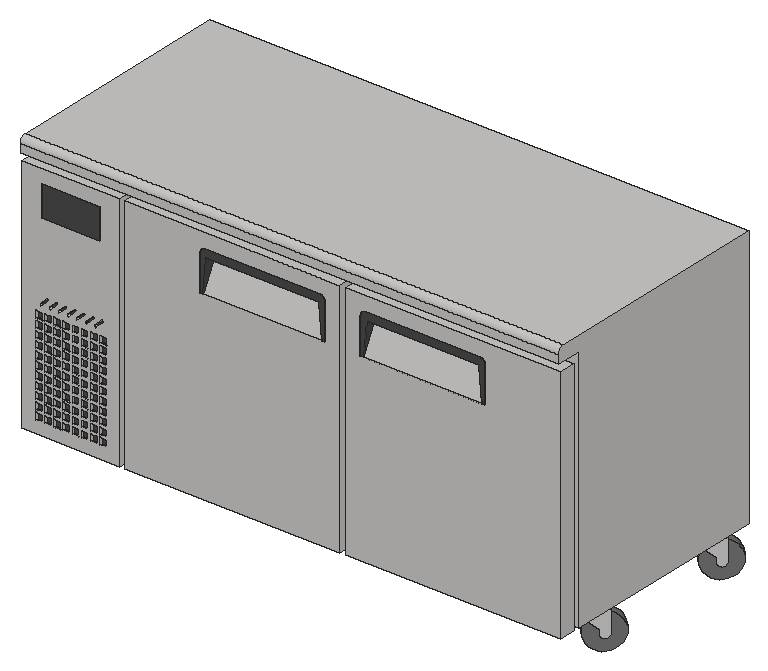
Revit family "QF_Turbo Air_JUR-60c6f70b67-250f-4b4b-b974-1bc2737e07a7", category Specialty Equipment, Revit 2012
Parameters
  Weight in Pounds = 250
  Watermarked By = "http://revitwatermark.com"
  Volts = 115 V
  URL Cutsheet = ""
  URL = "www.turboairinc.com"
  Status [instance] = ""
  Specification by User [instance] = ""
  Specification by Manufacturer [instance] = ""
  Serial Number [instance] = ""
  Revision Code [instance] = ""
  Phase = 1
  Number of Poles [instance] = 1
  NAFEM Spec ID Number [instance] = ""
  Model = "JUR-60"
  Masterspec [instance] = ""
  Manufacturer = "Turbo Air"  # constant formula
  Legs [instance] = [6 inch Legs]  # no
  Item Number [instance] = "-"
  Installed By [instance] = ""
  HP = "1/4"
  Furnished By [instance] = ""
  Foodservice Equipment Identifier = yes
  FL Amps = 4.8 A
  Electrical Remarks [instance] = ""
  Electric Connection Type [instance] = ""
  Elec Conn RI Height [instance] = 0' - 0"
  Elec Conn Connection Height = 1' - 0"
  Description = "Undercounter Refrigerator"
  Cycle = 60 Hz
  Conn Plug = "NEMA 5-15P"
  Casters [instance] = not(Legs)  # yes
  CasterLeg Height [instance] = if([4 inch Casters], 0' 5", if([5 inch Casters], 0' 5 3/4", if([2_5 inch Casters], 0' 3 3/8", 0' 6")))  # 0' - 5"
  CSI MasterFormat = "11 41 13"
  Assembly Code = "E1090320"
  Apparent Power = if(Phase = 3, Volts * FL Amps * 1.73, Volts * FL Amps)  # 552 VA
  6 inch Legs [instance] = no
  5 inch Casters [instance] = no
  4 inch Casters [instance] = yes
  2_5 inch Casters [instance] = no
Reference planes (in)
  plane 1 "BACK": y = -1.5
  plane 2: z = 0
  plane 3 "LEFT": x = -20.72594
  plane 4 "Bottom": z = 5
  plane 5 "Back Stops": y = -0.5
  plane 6 "RIGHT": x = 38.27406
  plane 7 "FRONT": y = -29
  plane 8 "Door Clearance": y = -49.25
  plane 9 "Back of Door": y = -25.4375
  plane 10 "Front of Box": y = -24.75
  plane 11 "Counter Top": z = 33.75
  plane 12 "Top of Door": z = 31.25
  plane 13 "Front of Doors": y = -27.25
  plane 14 "Front of Ledge": y = -27.5
  plane 15 "Left of Right Door": x = 14.71156
  plane 16 "Right of Grill": x = -9.97594
  plane 17 "Right of Left Door": x = 14.08656
  plane 18 "Left of Left Door": x = -9.47594
Forms (in)
  Extrusion 1, solid, material "QF_Finishes_Stainless Steel"
    sketch origin (-20.72594, 0, 0) x (0, 1, 0) y (0, 0, 1)
      loop
        line (-1.5, 5) -> (-1.5, 33.75) -> (-26.8125, 33.75)
        arc (-26.8125, 33.75) -> (-27.29864, 33.54864) -> (-27.5, 33.0625) r 0.6875
        line (-27.5, 33.0625) -> (-27.5, 32.125) -> (-24.75, 32.125) -> (-24.75, 5) -> (-1.5, 5)
    from 0 to 59
  Extrusion 2, solid, material "QF_Finishes_Black"
    sketch origin (0, -24.75, 0) x (1, 0, 0) y (0, 0, 1)
      loop
        line (37.27406, 6) -> (37.27406, 30.25) -> (15.71156, 30.25) -> (15.71156, 6) -> (37.27406, 6)
      loop
        line (13.08656, 6) -> (13.08656, 30.25) -> (-8.47594, 30.25) -> (-8.47594, 6) -> (13.08656, 6)
    from 0 to 0.6875
  Extrusion 3, solid, material "QF_Finishes_Black"
    sketch origin (0, -1.5, 0) x (1, 0, 0) y (0, 0, 1)
      loop
        circle (-14.60094, 28.9375) r 0.5
      loop
        circle (32.14906, 28.9375) r 0.5
    from 0 to -1
  Extrusion 4, solid, material "QF_Finishes_Stainless Steel"
    sketch origin (0, -1.5, 0) x (1, 0, 0) y (0, 0, 1)
      loop
        circle (-15.35094, 11.125) r 0.25
    from 0 to -0.0625
  Extrusion 5, solid, material "QF_Finishes_Black"
    sketch origin (0, -24.75, 0) x (1, 0, 0) y (0, 0, 1)
      loop
        line (-19.72594, 5.875) -> (-10.97594, 5.875) -> (-10.97594, 19.125) -> (-19.72594, 19.125) -> (-19.72594, 5.875)
    from 0 to 2.25
  Extrusion 6, solid, material "QF_Finishes_Black"
    sketch origin (0, -24.75, 0) x (1, 0, 0) y (0, 0, 1)
      loop
        line (-18.53844, 29.75) -> (-18.53844, 26.375) -> (-12.16344, 26.375) -> (-12.16344, 29.75) -> (-18.53844, 29.75)
    from 0 to 2.5
  Extrusion 7, solid, material "QF_Finishes_Stainless Steel"
    sketch origin (0, -24.75, 0) x (1, 0, 0) y (0, 0, 1)
      loop
        line (-20.72594, 31.25) -> (-20.72594, 5) -> (-9.97594, 5) -> (-9.97594, 31.25) -> (-20.72594, 31.25)
      loop
        line (-11.47594, 7.125) -> (-12.22594, 7.125) -> (-12.22594, 6.375) -> (-11.47594, 6.375) -> (-11.47594, 7.125)
      loop
        line (-12.47594, 7.125) -> (-13.22594, 7.125) -> (-13.22594, 6.375) -> (-12.47594, 6.375) -> (-12.47594, 7.125)
      loop
        line (-13.47594, 7.125) -> (-14.22594, 7.125) -> (-14.22594, 6.375) -> (-13.47594, 6.375) -> (-13.47594, 7.125)
      loop
        line (-14.47594, 7.125) -> (-15.22594, 7.125) -> (-15.22594, 6.375) -> (-14.47594, 6.375) -> (-14.47594, 7.125)
      loop
        line (-15.47594, 7.125) -> (-16.22594, 7.125) -> (-16.22594, 6.375) -> (-15.47594, 6.375) -> (-15.47594, 7.125)
      loop
        line (-16.47594, 7.125) -> (-17.22594, 7.125) -> (-17.22594, 6.375) -> (-16.47594, 6.375) -> (-16.47594, 7.125)
      loop
        line (-17.47594, 7.125) -> (-18.22594, 7.125) -> (-18.22594, 6.375) -> (-17.47594, 6.375) -> (-17.47594, 7.125)
      loop
        line (-18.47594, 7.125) -> (-19.22594, 7.125) -> (-19.22594, 6.375) -> (-18.47594, 6.375) -> (-18.47594, 7.125)
      loop
        line (-11.47594, 8.125) -> (-12.22594, 8.125) -> (-12.22594, 7.375) -> (-11.47594, 7.375) -> (-11.47594, 8.125)
      loop
        line (-12.47594, 8.125) -> (-13.22594, 8.125) -> (-13.22594, 7.375) -> (-12.47594, 7.375) -> (-12.47594, 8.125)
      loop
        line (-13.47594, 8.125) -> (-14.22594, 8.125) -> (-14.22594, 7.375) -> (-13.47594, 7.375) -> (-13.47594, 8.125)
      loop
        line (-14.47594, 8.125) -> (-15.22594, 8.125) -> (-15.22594, 7.375) -> (-14.47594, 7.375) -> (-14.47594, 8.125)
      loop
        line (-15.47594, 8.125) -> (-16.22594, 8.125) -> (-16.22594, 7.375) -> (-15.47594, 7.375) -> (-15.47594, 8.125)
      loop
        line (-16.47594, 8.125) -> (-17.22594, 8.125) -> (-17.22594, 7.375) -> (-16.47594, 7.375) -> (-16.47594, 8.125)
      loop
        line (-17.47594, 8.125) -> (-18.22594, 8.125) -> (-18.22594, 7.375) -> (-17.47594, 7.375) -> (-17.47594, 8.125)
      loop
        line (-18.47594, 8.125) -> (-19.22594, 8.125) -> (-19.22594, 7.375) -> (-18.47594, 7.375) -> (-18.47594, 8.125)
      loop
        line (-11.47594, 9.125) -> (-12.22594, 9.125) -> (-12.22594, 8.375) -> (-11.47594, 8.375) -> (-11.47594, 9.125)
      loop
        line (-12.47594, 9.125) -> (-13.22594, 9.125) -> (-13.22594, 8.375) -> (-12.47594, 8.375) -> (-12.47594, 9.125)
      loop
        line (-13.47594, 9.125) -> (-14.22594, 9.125) -> (-14.22594, 8.375) -> (-13.47594, 8.375) -> (-13.47594, 9.125)
      loop
        line (-14.47594, 9.125) -> (-15.22594, 9.125) -> (-15.22594, 8.375) -> (-14.47594, 8.375) -> (-14.47594, 9.125)
      loop
        line (-15.47594, 9.125) -> (-16.22594, 9.125) -> (-16.22594, 8.375) -> (-15.47594, 8.375) -> (-15.47594, 9.125)
      loop
        line (-16.47594, 9.125) -> (-17.22594, 9.125) -> (-17.22594, 8.375) -> (-16.47594, 8.375) -> (-16.47594, 9.125)
      loop
        line (-17.47594, 9.125) -> (-18.22594, 9.125) -> (-18.22594, 8.375) -> (-17.47594, 8.375) -> (-17.47594, 9.125)
      loop
        line (-18.47594, 9.125) -> (-19.22594, 9.125) -> (-19.22594, 8.375) -> (-18.47594, 8.375) -> (-18.47594, 9.125)
      loop
        line (-11.47594, 10.125) -> (-12.22594, 10.125) -> (-12.22594, 9.375) -> (-11.47594, 9.375) -> (-11.47594, 10.125)
      loop
        line (-12.47594, 10.125) -> (-13.22594, 10.125) -> (-13.22594, 9.375) -> (-12.47594, 9.375) -> (-12.47594, 10.125)
      loop
        line (-13.47594, 10.125) -> (-14.22594, 10.125) -> (-14.22594, 9.375) -> (-13.47594, 9.375) -> (-13.47594, 10.125)
      loop
        line (-14.47594, 10.125) -> (-15.22594, 10.125) -> (-15.22594, 9.375) -> (-14.47594, 9.375) -> (-14.47594, 10.125)
      loop
        line (-15.47594, 10.125) -> (-16.22594, 10.125) -> (-16.22594, 9.375) -> (-15.47594, 9.375) -> (-15.47594, 10.125)
      loop
        line (-16.47594, 10.125) -> (-17.22594, 10.125) -> (-17.22594, 9.375) -> (-16.47594, 9.375) -> (-16.47594, 10.125)
      loop
        line (-17.47594, 10.125) -> (-18.22594, 10.125) -> (-18.22594, 9.375) -> (-17.47594, 9.375) -> (-17.47594, 10.125)
      loop
        line (-18.47594, 10.125) -> (-19.22594, 10.125) -> (-19.22594, 9.375) -> (-18.47594, 9.375) -> (-18.47594, 10.125)
      loop
        line (-11.47594, 11.125) -> (-12.22594, 11.125) -> (-12.22594, 10.375) -> (-11.47594, 10.375) -> (-11.47594, 11.125)
      loop
        line (-12.47594, 11.125) -> (-13.22594, 11.125) -> (-13.22594, 10.375) -> (-12.47594, 10.375) -> (-12.47594, 11.125)
      loop
        line (-13.47594, 11.125) -> (-14.22594, 11.125) -> (-14.22594, 10.375) -> (-13.47594, 10.375) -> (-13.47594, 11.125)
      loop
        line (-14.47594, 11.125) -> (-15.22594, 11.125) -> (-15.22594, 10.375) -> (-14.47594, 10.375) -> (-14.47594, 11.125)
      loop
        line (-15.47594, 11.125) -> (-16.22594, 11.125) -> (-16.22594, 10.375) -> (-15.47594, 10.375) -> (-15.47594, 11.125)
      loop
        line (-16.47594, 11.125) -> (-17.22594, 11.125) -> (-17.22594, 10.375) -> (-16.47594, 10.375) -> (-16.47594, 11.125)
      loop
        line (-17.47594, 11.125) -> (-18.22594, 11.125) -> (-18.22594, 10.375) -> (-17.47594, 10.375) -> (-17.47594, 11.125)
      loop
        line (-18.47594, 11.125) -> (-19.22594, 11.125) -> (-19.22594, 10.375) -> (-18.47594, 10.375) -> (-18.47594, 11.125)
      loop
        line (-11.47594, 12.125) -> (-12.22594, 12.125) -> (-12.22594, 11.375) -> (-11.47594, 11.375) -> (-11.47594, 12.125)
      loop
        line (-12.47594, 12.125) -> (-13.22594, 12.125) -> (-13.22594, 11.375) -> (-12.47594, 11.375) -> (-12.47594, 12.125)
      loop
        line (-13.47594, 12.125) -> (-14.22594, 12.125) -> (-14.22594, 11.375) -> (-13.47594, 11.375) -> (-13.47594, 12.125)
      loop
        line (-14.47594, 12.125) -> (-15.22594, 12.125) -> (-15.22594, 11.375) -> (-14.47594, 11.375) -> (-14.47594, 12.125)
      loop
        line (-15.47594, 12.125) -> (-16.22594, 12.125) -> (-16.22594, 11.375) -> (-15.47594, 11.375) -> (-15.47594, 12.125)
      loop
        line (-16.47594, 12.125) -> (-17.22594, 12.125) -> (-17.22594, 11.375) -> (-16.47594, 11.375) -> (-16.47594, 12.125)
      loop
        line (-17.47594, 12.125) -> (-18.22594, 12.125) -> (-18.22594, 11.375) -> (-17.47594, 11.375) -> (-17.47594, 12.125)
      loop
        line (-18.47594, 12.125) -> (-19.22594, 12.125) -> (-19.22594, 11.375) -> (-18.47594, 11.375) -> (-18.47594, 12.125)
      loop
        line (-11.47594, 13.125) -> (-12.22594, 13.125) -> (-12.22594, 12.375) -> (-11.47594, 12.375) -> (-11.47594, 13.125)
      loop
        line (-12.47594, 13.125) -> (-13.22594, 13.125) -> (-13.22594, 12.375) -> (-12.47594, 12.375) -> (-12.47594, 13.125)
      loop
        line (-13.47594, 13.125) -> (-14.22594, 13.125) -> (-14.22594, 12.375) -> (-13.47594, 12.375) -> (-13.47594, 13.125)
      loop
        line (-14.47594, 13.125) -> (-15.22594, 13.125) -> (-15.22594, 12.375) -> (-14.47594, 12.375) -> (-14.47594, 13.125)
      loop
        line (-15.47594, 13.125) -> (-16.22594, 13.125) -> (-16.22594, 12.375) -> (-15.47594, 12.375) -> (-15.47594, 13.125)
      loop
        line (-16.47594, 13.125) -> (-17.22594, 13.125) -> (-17.22594, 12.375) -> (-16.47594, 12.375) -> (-16.47594, 13.125)
      loop
        line (-17.47594, 13.125) -> (-18.22594, 13.125) -> (-18.22594, 12.375) -> (-17.47594, 12.375) -> (-17.47594, 13.125)
      loop
        line (-18.47594, 13.125) -> (-19.22594, 13.125) -> (-19.22594, 12.375) -> (-18.47594, 12.375) -> (-18.47594, 13.125)
      loop
        line (-11.47594, 14.125) -> (-12.22594, 14.125) -> (-12.22594, 13.375) -> (-11.47594, 13.375) -> (-11.47594, 14.125)
      loop
        line (-12.47594, 14.125) -> (-13.22594, 14.125) -> (-13.22594, 13.375) -> (-12.47594, 13.375) -> (-12.47594, 14.125)
      loop
        line (-13.47594, 14.125) -> (-14.22594, 14.125) -> (-14.22594, 13.375) -> (-13.47594, 13.375) -> (-13.47594, 14.125)
      loop
        line (-14.47594, 14.125) -> (-15.22594, 14.125) -> (-15.22594, 13.375) -> (-14.47594, 13.375) -> (-14.47594, 14.125)
      loop
        line (-15.47594, 14.125) -> (-16.22594, 14.125) -> (-16.22594, 13.375) -> (-15.47594, 13.375) -> (-15.47594, 14.125)
      loop
        line (-16.47594, 14.125) -> (-17.22594, 14.125) -> (-17.22594, 13.375) -> (-16.47594, 13.375) -> (-16.47594, 14.125)
      loop
        line (-17.47594, 14.125) -> (-18.22594, 14.125) -> (-18.22594, 13.375) -> (-17.47594, 13.375) -> (-17.47594, 14.125)
      loop
        line (-18.47594, 14.125) -> (-19.22594, 14.125) -> (-19.22594, 13.375) -> (-18.47594, 13.375) -> (-18.47594, 14.125)
      loop
        line (-11.47594, 15.125) -> (-12.22594, 15.125) -> (-12.22594, 14.375) -> (-11.47594, 14.375) -> (-11.47594, 15.125)
      loop
        line (-12.47594, 15.125) -> (-13.22594, 15.125) -> (-13.22594, 14.375) -> (-12.47594, 14.375) -> (-12.47594, 15.125)
      loop
        line (-13.47594, 15.125) -> (-14.22594, 15.125) -> (-14.22594, 14.375) -> (-13.47594, 14.375) -> (-13.47594, 15.125)
      loop
        line (-14.47594, 15.125) -> (-15.22594, 15.125) -> (-15.22594, 14.375) -> (-14.47594, 14.375) -> (-14.47594, 15.125)
      loop
        line (-15.47594, 15.125) -> (-16.22594, 15.125) -> (-16.22594, 14.375) -> (-15.47594, 14.375) -> (-15.47594, 15.125)
      loop
        line (-16.47594, 15.125) -> (-17.22594, 15.125) -> (-17.22594, 14.375) -> (-16.47594, 14.375) -> (-16.47594, 15.125)
      loop
        line (-17.47594, 15.125) -> (-18.22594, 15.125) -> (-18.22594, 14.375) -> (-17.47594, 14.375) -> (-17.47594, 15.125)
      loop
        line (-18.47594, 15.125) -> (-19.22594, 15.125) -> (-19.22594, 14.375) -> (-18.47594, 14.375) -> (-18.47594, 15.125)
      loop
        line (-11.47594, 16.125) -> (-12.22594, 16.125) -> (-12.22594, 15.375) -> (-11.47594, 15.375) -> (-11.47594, 16.125)
      loop
        line (-12.47594, 16.125) -> (-13.22594, 16.125) -> (-13.22594, 15.375) -> (-12.47594, 15.375) -> (-12.47594, 16.125)
      loop
        line (-13.47594, 16.125) -> (-14.22594, 16.125) -> (-14.22594, 15.375) -> (-13.47594, 15.375) -> (-13.47594, 16.125)
      loop
        line (-14.47594, 16.125) -> (-15.22594, 16.125) -> (-15.22594, 15.375) -> (-14.47594, 15.375) -> (-14.47594, 16.125)
      loop
        line (-15.47594, 16.125) -> (-16.22594, 16.125) -> (-16.22594, 15.375) -> (-15.47594, 15.375) -> (-15.47594, 16.125)
      loop
        line (-16.47594, 16.125) -> (-17.22594, 16.125) -> (-17.22594, 15.375) -> (-16.47594, 15.375) -> (-16.47594, 16.125)
      loop
        line (-17.47594, 16.125) -> (-18.22594, 16.125) -> (-18.22594, 15.375) -> (-17.47594, 15.375) -> (-17.47594, 16.125)
      loop
        line (-18.47594, 16.125) -> (-19.22594, 16.125) -> (-19.22594, 15.375) -> (-18.47594, 15.375) -> (-18.47594, 16.125)
      loop
        line (-11.47594, 17.125) -> (-12.22594, 17.125) -> (-12.22594, 16.375) -> (-11.47594, 16.375) -> (-11.47594, 17.125)
      loop
        line (-12.47594, 17.125) -> (-13.22594, 17.125) -> (-13.22594, 16.375) -> (-12.47594, 16.375) -> (-12.47594, 17.125)
      loop
        line (-13.47594, 17.125) -> (-14.22594, 17.125) -> (-14.22594, 16.375) -> (-13.47594, 16.375) -> (-13.47594, 17.125)
      loop
        line (-14.47594, 17.125) -> (-15.22594, 17.125) -> (-15.22594, 16.375) -> (-14.47594, 16.375) -> (-14.47594, 17.125)
      loop
        line (-15.47594, 17.125) -> (-16.22594, 17.125) -> (-16.22594, 16.375) -> (-15.47594, 16.375) -> (-15.47594, 17.125)
      loop
        line (-16.47594, 17.125) -> (-17.22594, 17.125) -> (-17.22594, 16.375) -> (-16.47594, 16.375) -> (-16.47594, 17.125)
      loop
        line (-17.47594, 17.125) -> (-18.22594, 17.125) -> (-18.22594, 16.375) -> (-17.47594, 16.375) -> (-17.47594, 17.125)
      loop
        line (-18.47594, 17.125) -> (-19.22594, 17.125) -> (-19.22594, 16.375) -> (-18.47594, 16.375) -> (-18.47594, 17.125)
      loop
        arc (-14.68933, 17.96339) -> (-14.68933, 17.78661) -> (-14.51255, 17.78661) r 0.125
        line (-14.51255, 17.78661) -> (-13.80544, 18.49372)
        arc (-13.80544, 18.49372) -> (-13.80544, 18.6705) -> (-13.98222, 18.6705) r 0.125
        line (-13.98222, 18.6705) -> (-14.68933, 17.96339)
      loop
        arc (-13.68933, 17.96339) -> (-13.68933, 17.78661) -> (-13.51255, 17.78661) r 0.125
        line (-13.51255, 17.78661) -> (-12.80544, 18.49372)
        arc (-12.80544, 18.49372) -> (-12.80544, 18.6705) -> (-12.98222, 18.6705) r 0.125
        line (-12.98222, 18.6705) -> (-13.68933, 17.96339)
      loop
        arc (-12.68933, 17.96339) -> (-12.68933, 17.78661) -> (-12.51255, 17.78661) r 0.125
        line (-12.51255, 17.78661) -> (-11.80544, 18.49372)
        arc (-11.80544, 18.49372) -> (-11.80544, 18.6705) -> (-11.98222, 18.6705) r 0.125
        line (-11.98222, 18.6705) -> (-12.68933, 17.96339)
      loop
        arc (-17.68933, 17.96339) -> (-17.68933, 17.78661) -> (-17.51255, 17.78661) r 0.125
        line (-17.51255, 17.78661) -> (-16.80544, 18.49372)
        arc (-16.80544, 18.49372) -> (-16.80544, 18.6705) -> (-16.98222, 18.6705) r 0.125
        line (-16.98222, 18.6705) -> (-17.68933, 17.96339)
      loop
        arc (-16.68933, 17.96339) -> (-16.68933, 17.78661) -> (-16.51255, 17.78661) r 0.125
        line (-16.51255, 17.78661) -> (-15.80544, 18.49372)
        arc (-15.80544, 18.49372) -> (-15.80544, 18.6705) -> (-15.98222, 18.6705) r 0.125
        line (-15.98222, 18.6705) -> (-16.68933, 17.96339)
      loop
        arc (-15.68933, 17.96339) -> (-15.68933, 17.78661) -> (-15.51255, 17.78661) r 0.125
        line (-15.51255, 17.78661) -> (-14.80544, 18.49372)
        arc (-14.80544, 18.49372) -> (-14.80544, 18.6705) -> (-14.98222, 18.6705) r 0.125
        line (-14.98222, 18.6705) -> (-15.68933, 17.96339)
      loop
        arc (-18.68933, 17.96339) -> (-18.68933, 17.78661) -> (-18.51255, 17.78661) r 0.125
        line (-18.51255, 17.78661) -> (-17.80544, 18.49372)
        arc (-17.80544, 18.49372) -> (-17.80544, 18.6705) -> (-17.98222, 18.6705) r 0.125
        line (-17.98222, 18.6705) -> (-18.68933, 17.96339)
      loop
        line (-12.16344, 29.75) -> (-18.53844, 29.75) -> (-18.53844, 26.375) -> (-12.16344, 26.375) -> (-12.16344, 29.75)
    from 0 to 2.5
Lines and regions (in)
  symbolic lines
    curve 1: line (-20.72594, -1.5, 33.75) -> (38.27406, -1.5, 33.75)
    curve 2: line (-20.72594, -29, 33.75) -> (-20.72594, -1.5, 33.75)
    curve 3: line (38.27406, -29, 33.75) -> (-20.72594, -29, 33.75)
    curve 4: line (38.27406, -1.5, 33.75) -> (38.27406, -29, 33.75)
    curve 5: line (31.64906, -0.5, 33.75) -> (32.64906, -0.5, 33.75)
    curve 6: line (-15.10094, -0.5, 33.75) -> (-14.10094, -0.5, 33.75)
    curve 7: line (-15.10094, -0.5, 33.75) -> (-15.10094, -1.5, 33.75)
    curve 8: line (-14.10094, -0.5, 33.75) -> (-14.10094, -1.5, 33.75)
    curve 9: line (31.64906, -0.5, 33.75) -> (31.64906, -1.5, 33.75)
    curve 10: line (32.64906, -0.5, 33.75) -> (32.64906, -1.5, 33.75)
  symbolic lines, style "QF_Clearances", detail levels coarse
    curve 11: line (38.27406, -29, 33.75) -> (38.27406, -49.25, 33.75)
    curve 12: arc (38.27406, -49.25, 33.75) -> (22.82834, -43.48135, 33.75) -> (14.94556, -29, 33.75) r 23.5625
    curve 13: line (-9.47594, -29, 33.75) -> (-9.47594, -49.25, 33.75)
    curve 14: arc (-9.47594, -49.25, 33.75) -> (5.96978, -43.48135, 33.75) -> (13.85256, -29, 33.75) r 23.5625
Dimensions and locks (in)
  "CasterLeg Height": plane 4 "Bottom" to plane 2
  locked: plane 1 "BACK" to plane 5 "Back Stops" at 1
  locked: plane 6 "RIGHT" to plane 3 "LEFT" at 59
  locked: plane 7 "FRONT" to plane 1 "BACK" at 27.5
  locked: plane 9 "Back of Door" to plane 10 "Front of Box" at 0.6875
  locked: plane 11 "Counter Top" to plane 4 "Bottom" at 28.75
  locked: Extrusion 2 sketch curve to plane 6 "RIGHT" at 1
  locked: nested 1 to plane 1 "BACK" at 2.5625
  locked: plane 3 "LEFT" to nested 1 at 2.5
  locked: plane 3 "LEFT" to nested 2 at 2.5
  locked: plane 10 "Front of Box" to nested 2 at 4.625
  locked: nested 3 to plane 6 "RIGHT" at 2.5
  locked: nested 4 to plane 6 "RIGHT" at 2.5
  locked: plane 10 "Front of Box" to nested 4 at 4.625
  locked: nested 3 to plane 1 "BACK" at 2.5625
  locked: plane 11 "Counter Top" to Extrusion 3 sketch curve at 4.8125  (x2)
  locked: plane 6 "RIGHT" to Extrusion 3 sketch curve at 6.125
  locked: Extrusion 3 sketch curve to plane 3 "LEFT" at 6.125
  locked: Extrusion 4 sketch curve to plane 4 "Bottom" at 6.125
  locked: Extrusion 2 sketch curve to plane 4 "Bottom" at 1  (x2)
  locked: plane 12 "Top of Door" to Extrusion 2 sketch curve at 1  (x2)
  locked: plane 13 "Front of Doors" to plane 10 "Front of Box" at 2.5
  locked: plane 14 "Front of Ledge" to plane 13 "Front of Doors" at 0.25
  locked: plane 11 "Counter Top" to plane 12 "Top of Door" at 2.5
  locked: plane 11 "Counter Top" to Extrusion 1 sketch curve at 1.625
  locked: plane 15 "Left of Right Door" to plane 6 "RIGHT" at 23.5625
  locked: plane 3 "LEFT" to plane 16 "Right of Grill" at 10.75
  locked: Extrusion 2 sketch curve to plane 15 "Left of Right Door" at 1
  locked: plane 3 "LEFT" to Extrusion 5 sketch curve at 1
  locked: plane 16 "Right of Grill" to Extrusion 5 sketch curve at 1
  locked: Extrusion 5 sketch curve to plane 4 "Bottom" at 0.875
  locked: Extrusion 5 sketch curve to Extrusion 5 sketch curve at 13.25
  locked: Extrusion 4 sketch curve to plane 3 "LEFT" at 5.375
  locked: plane 16 "Right of Grill" to plane 18 "Left of Left Door" at 0.5
  locked: plane 18 "Left of Left Door" to plane 17 "Right of Left Door" at 23.5625
  locked: Extrusion 2 sketch curve to plane 17 "Right of Left Door" at 1
  locked: Extrusion 2 sketch curve to plane 18 "Left of Left Door" at 1
  locked: plane 8 "Door Clearance" to plane 7 "FRONT" at 20.25
  aligned and locked: level to plane 2
  aligned and locked: Extrusion 1 sketch curve to plane 1 "BACK"
  aligned and locked: Extrusion 1 sketch curve to plane 4 "Bottom"
  aligned and locked: plane 10 "Front of Box" to Extrusion 1 sketch curve
  aligned and locked: plane 6 "RIGHT" to Extrusion 1
  aligned and locked: plane 9 "Back of Door" to Extrusion 2
  aligned and locked: Extrusion 1 sketch curve to plane 11 "Counter Top"
  aligned and locked: Extrusion 3 to plane 5 "Back Stops"
  aligned and locked: plane 1 "BACK" to curve 1
  aligned and locked: plane 3 "LEFT" to curve 2
  aligned and locked: curve 3 to plane 7 "FRONT"
  aligned and locked: curve 5 to Extrusion 3
  aligned and locked: curve 6 to Extrusion 3
  aligned and locked: plane 4 "Bottom" to nested 5
  aligned and locked: Extrusion 1 sketch curve to plane 14 "Front of Ledge"
  aligned and locked: plane 13 "Front of Doors" to Extrusion 6
  aligned and locked: plane 6 "RIGHT" to nested 5
  aligned and locked: plane 17 "Right of Left Door" to nested 6
  aligned and locked: nested 6 to plane 4 "Bottom"
Automatic sketch dimensions
  curve 11 to plane 6 "RIGHT" = 0' - 0"
  plane 8 "Door Clearance" to curve 11 = 0' - 0"
  plane 8 "Door Clearance" to curve 13 = 0' - 0"
  curve 14 to plane 18 "Left of Left Door" = 0' - 0"
  plane 9 "Back of Door" to curve 14 = 0' - 0 1/4"
  plane 9 "Back of Door" to curve 12 = 0' - 0 1/4"
  curve 5 to curve 9 = 0' - 1"
  curve 8 to plane 16 "Right of Grill" = 0' - 4 1/8"
  curve 6 to curve 7 = 0' - 1"
  Extrusion 6 sketch curve to plane 16 "Right of Grill" = 0' - 2 3/16"
  Extrusion 6 sketch curve to plane 12 "Top of Door" = 0' - 4 7/8"
  Extrusion 6 sketch curve to plane 12 "Top of Door" = 0' - 1 1/2"
  Extrusion 7 sketch curve to plane 3 "LEFT" = 0' - 0"
  Extrusion 7 sketch curve to plane 12 "Top of Door" = 0' - 0"
  Extrusion 7 sketch curve to plane 16 "Right of Grill" = 0' - 0"
  Extrusion 7 sketch curve to plane 4 "Bottom" = 0' - 0"
  plane 3 "LEFT" to Extrusion 7 sketch curve = 0' - 1 1/2"  (x4)
  Extrusion 7 sketch curve to Extrusion 7 sketch curve = 0' - 0"  (x166)
  Extrusion 7 sketch curve to Extrusion 7 sketch curve = 0' - 0.53661"
  Extrusion 7 sketch curve to Extrusion 7 sketch curve = 0' - 0.08839"  (x42)
  Extrusion 7 sketch curve to Extrusion 7 sketch curve = 0' - 0 3/4"  (x50)
  Extrusion 7 sketch curve to Extrusion 7 sketch curve = 0' - 0.03661"  (x7)
  Extrusion 7 sketch curve to Extrusion 7 sketch curve = 0' - 0 1/4"  (x123)
  Extrusion 7 sketch curve to Extrusion 7 sketch curve = 0' - 0.82322"  (x6)
  Extrusion 7 sketch curve to Extrusion 7 sketch curve = 0' - 0.11612"  (x6)
  Extrusion 7 sketch curve to plane 16 "Right of Grill" = 0' - 2 3/16"
  plane 4 "Bottom" to Extrusion 7 sketch curve = 0' - 1 3/8"  (x2)
  Extrusion 7 sketch curve to Extrusion 7 sketch curve = 0' - 0.66161"  (x7)
  Extrusion 7 sketch curve to Extrusion 7 sketch curve = 0' - 0.53033"  (x6)
  Extrusion 7 sketch curve to Extrusion 7 sketch curve = 0' - 0.70711"  (x2)
  Extrusion 7 sketch curve to plane 12 "Top of Door" = 0' - 4 7/8"
  Extrusion 7 sketch curve to plane 12 "Top of Door" = 0' - 1 1/2"
  Extrusion 1 sketch curve to plane 13 "Front of Doors" = 0' - 0 7/16"
  plane 3 "LEFT" to Extrusion 6 sketch curve = 0' - 2 3/16"
  plane 3 "LEFT" to Extrusion 7 sketch curve = 0' - 2 3/16"
  curve 10 to plane 6 "RIGHT" = 0' - 5 5/8"
  radius of Extrusion 3 sketch curve = 0' - 0 1/2"  (x2)
  radius of Extrusion 4 sketch curve = 0' - 0 1/4"
Nested families (in)
  nested 1: "FESCasterLeg" at (-18.22594, -4.0625, 0), Legs <- "Legs", Casters <- "Casters", Height <- "CasterLeg Height", type "FESCasterLeg"
    with Legs no, Height 0' - 5", Casters yes, Caster Radius 0' - 2"
  nested 2: "FESCasterLeg" at (-18.22594, -20.125, 0), Legs <- "Legs", Casters <- "Casters", Height <- "CasterLeg Height", type "FESCasterLeg"
    with Legs no, Height 0' - 5", Casters yes, Caster Radius 0' - 2"
  nested 3: "FESCasterLeg" at (35.77406, -4.0625, 0), Legs <- "Legs", Casters <- "Casters", Height <- "CasterLeg Height", type "FESCasterLeg"
    with Legs no, Height 0' - 5", Casters yes, Caster Radius 0' - 2"
  nested 4: "FESCasterLeg" at (35.77406, -20.125, 0), Legs <- "Legs", Casters <- "Casters", Height <- "CasterLeg Height", type "FESCasterLeg"
    with Legs no, Height 0' - 5", Casters yes, Caster Radius 0' - 2"
  nested 5: "QF_Turbo Air_TBL_Door-1" at (23.09739, -25.4375, 5) x (-1, 0, 0) z (0, 0, 1), type "QF_Turbo Air_TBL_Door-1"
    with Width 1' - 11 9/16", Symbolic Lines no, Height 2' - 2 1/4", Handle Width 1' - 1 11/16", Depth 0' - 1 13/16"
  nested 6: "QF_Turbo Air_TBL_Door-1" at (5.70073, -25.4375, 5), type "QF_Turbo Air_TBL_Door-1"
    with Width 1' - 11 9/16", Symbolic Lines no, Height 2' - 2 1/4", Handle Width 1' - 1 11/16", Depth 0' - 1 13/16"
Connectors (in)
  electrical at (-15.35094, -1.4375, 11.125), driven by "Number of Poles", driven by "Volts", driven by "Apparent Power"
    settings: on Extrusion 4, index 1, voltage 115 V, apparent load 552 VA, apparent load phase1 0 VA, apparent load phase2 0 VA, apparent load phase3 0 VA, power factor 1, load classification "Other", number of poles 1, system type 30, power factor state 1, is connector primary yes, connector utility no, sub classification motor no, connector description ""
Definition of nested family "FESCasterLeg"
  Parameters (values of type "FESCasterLeg")
    Watermarked By = "http://revitwatermark.com"
    Type Comments = "⍁⍉⌁⌀⏭⎽⌇⍠⌜⍉⎖⌥⌦⌯⍭⏊⍻⍿⍊⏵⍊⏗⏠⍴⎡⌈⎀⍠⌓⌤⏘⎐⍀⌐⏬⏁⎈⏍⏦⎒⏬⌝⍩⍇⌣〈⎫〉⎁⏊⍥⍖⍥⍝⍦⌖⍀⏌⏭⎝⎼⏷⏞⍻⏯⎽⏷⏞⍻⏯⎽⏷⎺⌻⎝⍎⌧⏷⏟⏿⌿⍜⍦⍤⌁⍬⏶⏎⍊⏚⏉⎞⌡⎀⎪⏈⌟⌿⍾⍼⌟⌿⌢⌞⏜⏝⎽⍷⍷⍯⍧⍷⌯⍽⏸⏨⏾⏎⌣⏺⍹⏼⏅⎏⌽⎫⎪⍙⎓⏗⎗⏅⌴⍏⍏⍿⏑⎺⍘⌭⏲⍥⎛⎾⎾⍞⍌⎪⎲⌙⎥⏏⎟⎟⏼⏘⎏⎝⏧⏍⏁⍏⍧⏯⏾⌟"
    Legs [instance] = yes
    Height [instance] = 0' - 6"
    Caster Radius [instance] = if(Height < 0' 3", 0' 1", (Height / 2) - 0' 0 1/2")  # 0' - 2 1/2"
    Casters [instance] = yes
    Assembly Code = ""
  Reference planes (in)
    plane 1 "Center (Front/Back)": y = 0
    plane 2: z = 0
    plane 3 "Center (Left/Right)": x = 0
    plane 4: z = 6
    plane 5: z = 5.5
  Forms (in)
    Extrusion 1, solid, material "QF_Finishes_Stainless Steel", visible <- "Casters"
      sketch origin (-24.12131, -22.88887, 10.18833) x (0.707107, 0.707107, 0) y (0, 0, 1)
        loop
          line (34.98772, -7.68833) -> (34.98772, -4.93833) -> (34.48772, -4.93833) -> (34.39402, -4.68833) -> (32.39402, -4.68833) -> (32.39402, -5.43833) -> (33.98772, -7.34206) -> (33.98772, -7.68833)
          arc (33.98772, -7.68833) -> (34.48772, -8.18833) -> (34.98772, -7.68833) r 0.5
      from 0 to 1.75
    Extrusion 2, solid, material "QF_Finishes_Rubber Black", visible <- "Casters"
      sketch origin (-24.32327, -23.09083, 13.31461) x (0.707107, 0.707107, 0) y (0, 0, 1)
        loop
          circle (34.77334, -10.81461) r 2.5
      from 0.375 to 1.375
    Extrusion 3, solid, material "QF_Finishes_Stainless Steel", visible <- "Casters"
      sketch origin (-7.24148, -8.48391, 0) x (0.707107, 0.707107, 0) y (0, 0, 1)
        loop
          line (10.61603, 5.5) -> (11.61603, 5.5) -> (11.61603, 6) -> (10.61603, 6) -> (10.61603, 5.5)
      from 0 to -1.75
    Blend 4, solid, material "QF_Finishes_Stainless Steel", visible <- "Legs"
      base sketch origin (0, 0, 0) x (1, 0, 0) y (0, 1, 0)
        loop
          circle (0, 0) r 0.5
      top sketch origin (0, 0, 0) x (1, 0, 0) y (0, 1, 0)
        loop
          circle (0, 0) r 1
      from 0 to 6 <- "Height"
  Lines and regions (in)
    symbolic lines, style "QF_Hidden Details", visible <- "Casters", built-in parameter 1006206 <- "Casters"
      curve 1: line (-1.26158, -0.51911, 0) -> (1.39007, 2.13254, 0)
      curve 2: line (-0.53429, -1.24639, 0) -> (2.11736, 1.40526, 0)
    symbolic lines, style "QF_Hidden Details", built-in parameter 1006206 <- "Casters", visible <- "Casters"
      curve 3: line (-1.26158, -0.51911, 0) -> (1.39007, 2.13254, 0)
      curve 4: line (-0.53429, -1.24639, 0) -> (2.11736, 1.40526, 0)
  Dimensions and locks (in)
    locked: plane 4 to plane 5 at 0.5
    "Height": plane 4 to level
    "Caster Radius": Extrusion 2 sketch curve to level
    "Caster Radius": Extrusion 1 sketch curve to level
    "Caster Radius": radius of Extrusion 2 sketch curve
    aligned and locked: plane 2 to level
    aligned: Blend 4 to Extrusion 3
    aligned and locked: plane 4 to Blend 4
    aligned and locked: Extrusion 3 to plane 5
    aligned and locked: plane 4 to Extrusion 3
    aligned and locked: plane 5 to Extrusion 1
  Automatic sketch dimensions
    plane 1 "Center (Front/Back)" to curve 3 = 0' - 0.51911"
    curve 3 to plane 3 "Center (Left/Right)" = 0' - 1.26158"
    plane 1 "Center (Front/Back)" to curve 1 = 0' - 0.51911"
    curve 1 to curve 3 = 0' - 0"  (x3)
    curve 4 to plane 3 "Center (Left/Right)" = 0' - 0.53429"
    curve 2 to curve 4 = 0' - 0"  (x2)
    plane 3 "Center (Left/Right)" to curve 3 = 0' - 1.39007"
    curve 1 to curve 4 = 0' - 0.72729"
    curve 2 to curve 1 = 0' - 0.72729"
    curve 4 to curve 2 = 0' - 0"  (x2)
    curve 2 to plane 1 "Center (Front/Back)" = 0' - 1.40526"
    curve 2 to curve 3 = 0' - 0.72729"
    plane 5 to Extrusion 1 sketch curve = 0' - 0"
    Extrusion 1 sketch curve to Extrusion 1 sketch curve = 0' - 1.5937"
    Extrusion 1 sketch curve to Extrusion 1 sketch curve = 0' - 2"
    Extrusion 1 sketch curve to Extrusion 1 sketch curve = 0' - 0.0937"
    Extrusion 1 sketch curve to Extrusion 1 sketch curve = 0' - 0 1/2"
    Extrusion 1 sketch curve to Extrusion 1 sketch curve = 0' - 0.34627"
    Extrusion 1 sketch curve to plane 5 = 0' - 0 3/4"
    Extrusion 1 sketch curve to plane 5 = 0' - 0 1/4"
    Extrusion 3 sketch curve to plane 5 = 0' - 0"
    plane 4 to Extrusion 3 sketch curve = 0' - 0"
    Extrusion 3 sketch curve to Extrusion 3 sketch curve = 0' - 1"
    plane 1 "Center (Front/Back)" to Blend 4 sketch curve = 0' - 0"  (x2)
    Blend 4 sketch curve to plane 3 "Center (Left/Right)" = 0' - 0"  (x2)
    radius of Blend 4 sketch curve = 0' - 0 1/2"
    radius of Blend 4 sketch curve = 0' - 1"
Definition of nested family "QF_Turbo Air_TBL_Door-1"
  Parameters (values of type "QF_Turbo Air_TBL_Door-1")
    Width [instance] = 2' - 5 5/16"
    Watermarked By = "http://revitwatermark.com"
    Symbolic Lines [instance] = yes
    Manufacturer = "Turbo Air"  # constant formula
    Height [instance] = 2' - 3 7/16"
    Handle Width [instance] = 1' - 5 5/8"
    Depth [instance] = 0' - 1 13/16"
  Reference planes (in)
    plane 1 "BACK": y = 0
    plane 2: z = 0
    plane 3 "LEFT": x = -15.17667
    plane 4: x = 14.13583
    plane 5 "FRONT": y = -1.8125
    plane 6: z = 27.4375
    plane 7 "Right of Handle": x = 12.51083
    plane 8 "Left of Handle": x = -5.11417
  Forms (in)
    Extrusion 1, solid, material "QF_Finishes_Black"
      sketch origin (-31.11417, 0, 15.01083) x (0, 0, -1) y (1, 0, 0)
        loop
          arc (-10.23917, 43.625) -> (-10.63691, 43.46025) -> (-10.80167, 43.0625) r 0.5625
          line (-10.80167, 43.0625) -> (-10.80167, 26.5625)
          arc (-10.80167, 26.5625) -> (-10.63691, 26.16475) -> (-10.23917, 26) r 0.5625
          line (-10.23917, 26) -> (-6.30167, 26) -> (-6.30167, 26.34375) -> (-9.98917, 26.66636) -> (-9.98917, 42.95864) -> (-6.30167, 43.28125) -> (-6.30167, 43.625) -> (-10.23917, 43.625)
      from 0 to 1.8125
    Extrusion 2, solid, material "QF_Finishes_Stainless Steel"
      sketch origin (-5.14542, 0, 15.01083) x (0, 1, 0) y (0, 0, 1)
        loop
          line (-1.8125, 6.30167) -> (0, 6.30167) -> (0, 9.98917) -> (-0.47036, 9.98917) -> (-1.8125, 6.30167)
      from 0.375 to 17.3125
    Extrusion 3, solid, material "QF_Finishes_Stainless Steel"
      sketch origin (0, 0, 0) x (1, 0, 0) y (0, 0, 1)
        loop
          line (-15.17667, 27.4375) -> (-15.17667, 0) -> (14.13583, 0) -> (14.13583, 27.4375) -> (-15.17667, 27.4375)
        loop
          arc (-4.55167, 25.8125) -> (-4.94941, 25.64775) -> (-5.11417, 25.25) r 0.5625
          line (-5.11417, 25.25) -> (-5.11417, 21.3125) -> (12.51083, 21.3125) -> (12.51083, 25.25)
          arc (12.51083, 25.25) -> (12.34608, 25.64775) -> (11.94833, 25.8125) r 0.5625
          line (11.94833, 25.8125) -> (-4.55167, 25.8125)
      from 0 to 1.8125
  Lines and regions (in)
    symbolic lines, visible <- "Symbolic Lines"
      curve 1: line (-15.17667, 0, 25.96875) -> (14.13583, 0, 25.96875)
      curve 2: line (-15.17667, -1.8125, 25.96875) -> (-15.17667, 0, 25.96875)
      curve 3: line (14.13583, -1.8125, 25.96875) -> (-15.17667, -1.8125, 25.96875)
      curve 4: line (14.13583, 0, 25.96875) -> (14.13583, -1.8125, 25.96875)
  Dimensions and locks (in)
    "Width": plane 4 to plane 3 "LEFT"
    "Depth": plane 5 "FRONT" to plane 1 "BACK"
    "Height": plane 6 to plane 2
    locked: Extrusion 3 sketch curve to Extrusion 3 sketch curve at 4.5
    locked: plane 6 to Extrusion 3 sketch curve at 1.625
    locked: plane 6 to Extrusion 1 sketch curve at 1.625
    locked: Extrusion 1 sketch curve to Extrusion 1 sketch curve at 0.8125
    locked: Extrusion 1 sketch curve to Extrusion 1 sketch curve at 4.5  (x2)
    locked: plane 6 to Extrusion 2 sketch curve at 2.4375
    locked: Extrusion 2 sketch curve to Extrusion 2 sketch curve at 3.6875
    locked: Extrusion 2 sketch curve to plane 5 "FRONT" at 1.34214
    locked: plane 7 "Right of Handle" to plane 4 at 1.625
    "Handle Width": plane 8 "Left of Handle" to plane 7 "Right of Handle"
    locked: Extrusion 1 sketch curve to plane 8 "Left of Handle" at 0.34375
    locked: Extrusion 1 sketch curve to plane 8 "Left of Handle" at 0.66636
    locked: Extrusion 1 sketch curve to plane 8 "Left of Handle" at 0.5625
    locked: plane 7 "Right of Handle" to Extrusion 1 sketch curve at 0.34375
    locked: plane 7 "Right of Handle" to Extrusion 1 sketch curve at 0.66636
    locked: plane 7 "Right of Handle" to Extrusion 1 sketch curve at 0.5625
    locked: plane 8 "Left of Handle" to Extrusion 2 at 0.34375
    locked: plane 7 "Right of Handle" to Extrusion 2 at 0.34375
    aligned and locked: level to plane 2
    aligned and locked: Extrusion 3 sketch curve to plane 6
    aligned and locked: plane 3 "LEFT" to Extrusion 3 sketch curve
    aligned and locked: level to Extrusion 3 sketch curve
    aligned and locked: Extrusion 3 sketch curve to plane 4
    aligned and locked: plane 5 "FRONT" to Extrusion 3
    aligned and locked: Extrusion 2 sketch curve to plane 1 "BACK"
    aligned and locked: plane 1 "BACK" to curve 1
    aligned and locked: plane 3 "LEFT" to curve 2
    aligned and locked: curve 3 to plane 5 "FRONT"
    aligned and locked: curve 4 to plane 4
    aligned and locked: Extrusion 3 sketch curve to plane 7 "Right of Handle"
    aligned and locked: Extrusion 3 sketch curve to plane 8 "Left of Handle"
    aligned and locked: Extrusion 1 sketch curve to plane 7 "Right of Handle"
    aligned and locked: plane 8 "Left of Handle" to Extrusion 1 sketch curve
  Automatic sketch dimensions
    Extrusion 3 sketch curve to Extrusion 3 sketch curve = 0' - 0 9/16"  (x2)
    Extrusion 2 sketch curve to plane 5 "FRONT" = 0' - 0"
